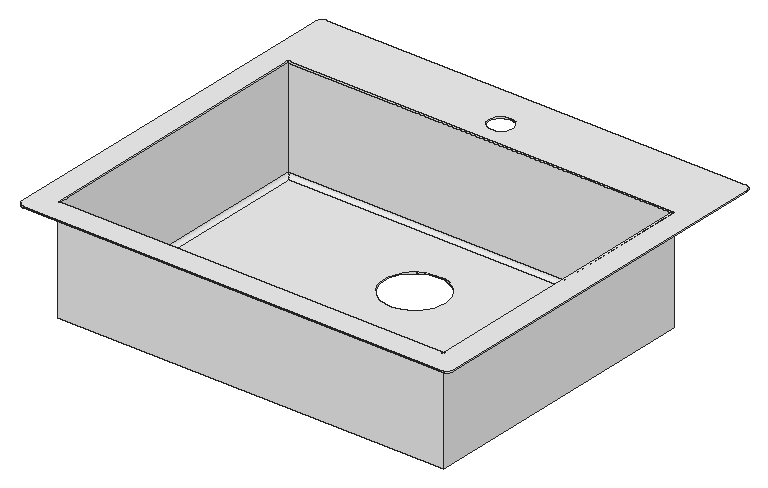
Revit family "Sink-American_Standard-Edgewater-18SB6252211.075", category Plumbing Fixtures, Revit 2014
Parameters (values of type "18SB6252211.075")
  Width = 25"  # constant formula
  Waste Connection Width = 8.70079"
  Waste Connection Radius = Waste Connection Diameter / 2  # 3/4"
  Waste Connection Offset = 4 3/4"  # constant formula
  Waste Connection Diameter = 1 1/2"
  Waste Connection = 1 < 2  # yes
  Warranty Documentation Link = "https://www.americanstandard-us.com/parts-support/warranty/lifetime-warranty-stainless-steel-sinks"
  WFU = 4  # constant formula
  Vent Connection = no
  Undermount Installation = no
  URL = "https://www.americanstandard-us.com/"
  Type Comments = "29\" (737mm) cabinet required"
  Topmount Installation = not(Undermount Installation)  # yes
  Sink Offset [instance] = 2"
  Product Page URL = ""
  Product Documentation Link = ""
  Price = "Prices may vary. Please consult Manufacturer Representative for most up-to-date price list."  # constant formula
  Mounting Height [instance] = if(Topmount Installation, Counter Thickness + 1/16", 0")  # 1 1/16"
  Model = "18SB6252211.075"
  Material = "Stainless Steel-American Standard-075-Satin"
  Manufacturer = "American Standard"  # constant formula
  Length = 22"  # constant formula
  Installation Type = "Dual Mount"  # constant formula
  Hot Water Connection Width = 4"
  Hot Water Connection Radius = Hot Water Connection Diameter / 2  # 1/4"
  Hot Water Connection Diameter = 1/2"
  Height = 6"  # constant formula
  HWFU = 3  # constant formula
  HW Connection = 1 < 2  # yes
  Finish = Stainless Steel-American Standard-075-Satin
  Description = "Edgewater ADA Single Bowl Kitchen Sink"  # constant formula
  Default Elevation = 34"  # constant formula
  Creation Date = "02/05/2019"  # constant formula
  Counter Thickness [instance] = 1"
  Cold Water Connection Width = 4"
  Cold Water Connection Radius = 1/4"
  Cold Water Connection Diameter = Cold Water Connection Radius * 2  # 1/2"
  CWFU = 3  # constant formula
  CW Connection = 1 < 2  # yes
  Bowl Width = 22 1/4"  # constant formula
  Bowl Length = 16 9/16"  # constant formula
  Basin Shape = "Rectangular"  # constant formula
  Assembly Code = "D2010410"
  ADA Compliant = yes
Reference planes (in)
  plane 1 "Center (Front/Back)": y = 0
  plane 2: z = 0
  plane 3 "Center (Left/Right)": x = 0
  plane 4: x = -12.5
  plane 5: x = 12.5
  plane 6: y = -2
  plane 7: y = -24
  plane 8: z = -1
  plane 9: z = -5.9375
  plane 10: z = 0.0625
  plane 11: y = -4.55859
  plane 12: y = -6.05469
  plane 13: y = -22.61719
  plane 14: y = -10.80469
  plane 15: z = -11.0625
  plane 16: z = -12.5625
  plane 17: x = -4
  plane 18: x = 4
  plane 19: x = -11.125
  plane 20: x = 11.125
Forms (in)
  Extrusion 1, solid, material "Stainless Steel-American Standard-075-Satin" <- "Finish"
    sketch origin (0, 0, 0) x (1, 0, 0) y (0, 1, 0)
      loop
        arc (-12.1063, -2) -> (-12.38469, -2.11531) -> (-12.5, -2.3937) r 0.3937
        line (-12.5, -2.3937) -> (-12.5, -23.6063)
        arc (-12.5, -23.6063) -> (-12.38469, -23.88469) -> (-12.1063, -24) r 0.3937
        line (-12.1063, -24) -> (12.1063, -24)
        arc (12.1063, -24) -> (12.38469, -23.88469) -> (12.5, -23.6063) r 0.3937
        line (12.5, -23.6063) -> (12.5, -2.3937)
        arc (12.5, -2.3937) -> (12.38469, -2.11531) -> (12.1063, -2) r 0.3937
        line (12.1063, -2) -> (-12.1063, -2)
      loop
        circle (0, -4.55859) r 0.68898
      loop
        line (11.32185, -5.85784) -> (-11.32185, -5.85784) -> (-11.32185, -22.81404) -> (11.32185, -22.81404) -> (11.32185, -5.85784)
    from 0 to 0.0625
  Extrusion 2, solid, not visible
    sketch origin (0, 0, 0) x (1, 0, 0) y (0, 0, 1)
      loop
        circle (-4, -11.0625) r 0.25
      loop
        circle (4, -11.0625) r 0.25
      loop
        circle (0, -12.5625) r 0.75
    from 0 to 0.0625
  Sweep 3, solid, material "Stainless Steel-American Standard-075-Satin" <- "Finish"
    path origin (7.79528, 0, 0) x (1, 0, 0) y (0, 1, 0)
      loop
        line (-18.92028, -6.05469) -> (-18.92028, -22.61719) -> (3.32972, -22.61719) -> (3.32972, -6.05469) -> (-18.92028, -6.05469)
    profile origin (-11.125, -14.33594, 0) x (-1, 0, 0) y (0, 0, 1)
      loop
        arc (0, -5.64709) -> (-0.06661, -5.8079) -> (-0.22742, -5.87451) r 0.22742
        line (-0.22742, -5.87451) -> (-0.33071, -5.87451) -> (-0.33071, -5.9375) -> (0.06299, -5.9375) -> (0.06299, 0) -> (0.19685, 0) -> (0.19685, 0.0625) -> (0.03677, 0.0625)
        arc (0.03677, 0.0625) -> (0.01077, 0.05173) -> (0, 0.02573) r 0.03677
        line (0, 0.02573) -> (0, -5.64709)
  Extrusion 4, solid, material "Stainless Steel-American Standard-075-Satin" <- "Finish"
    sketch origin (0, 0, 0) x (1, 0, 0) y (0, 1, 0)
      loop
        line (-10.79429, -6.3854) -> (-10.79429, -22.28648) -> (10.79429, -22.28648) -> (10.79429, -6.3854) -> (-10.79429, -6.3854)
      loop
        circle (0, -10.80469) r 1.78125
    from -5.9375 to -5.87451
  Extrusion 5, void
    sketch origin (0, 0, 0) x (1, 0, 0) y (0, 1, 0)
      loop
        line (-11.18799, -5.9917) -> (-11.18799, -22.68018) -> (11.18799, -22.68018) -> (11.18799, -5.9917) -> (-11.18799, -5.9917)
    from -5.9375 to 0.40823
Cuts and joins
  joined: Extrusion 1, Sweep 3, Extrusion 4
Lines and regions (in)
  Masking region 1
    outline origin (0, 0, 0) x (1, 0, 0) y (0, 1, 0)
      loop
        line (12.1063, -2) -> (-12.1063, -2)
        arc (-12.1063, -2) -> (-12.38469, -2.11531) -> (-12.5, -2.3937) r 0.3937
        line (-12.5, -2.3937) -> (-12.5, -23.6063)
        arc (-12.5, -23.6063) -> (-12.38469, -23.88469) -> (-12.1063, -24) r 0.3937
        line (-12.1063, -24) -> (12.1063, -24)
        arc (12.1063, -24) -> (12.38469, -23.88469) -> (12.5, -23.6063) r 0.3937
        line (12.5, -23.6063) -> (12.5, -2.3937)
        arc (12.5, -2.3937) -> (12.38469, -2.11531) -> (12.1063, -2) r 0.3937
  symbolic lines, detail levels fine
    curve 1: circle (0, -4.55859, 0) r 0.68898 normal (0, 0, 1)
    curve 2: circle (0, -10.80469, 0) r 1.78125 normal (0, 0, 1)
  symbolic lines, detail levels medium+fine
    curve 3: line (-11.1245, -6.05518, 0) -> (11.12803, -6.05518, 0)
    curve 4: line (-11.1245, -22.62031, 0) -> (-11.1245, -6.05518, 0)
    curve 5: line (11.12803, -22.62031, 0) -> (-11.1245, -22.62031, 0)
    curve 6: line (11.12803, -6.05518, 0) -> (11.12803, -22.62031, 0)
Dimensions and locks (in)
  equal spacing: plane 4, plane 3 "Center (Left/Right)", plane 5
  "Sink Offset": plane 1 "Center (Front/Back)" to plane 6
  "Length": plane 6 to plane 7
  "Width": plane 4 to plane 5
  "Counter Thickness": level to plane 8
  "Mounting Height": plane 10 to plane 8
  "Height": plane 10 to plane 9
  locked: plane 11 to plane 6 at 2.55859
  locked: plane 12 to plane 6 at 4.05469
  "Bowl Length": plane 13 to plane 12
  locked: level to plane 15 at 11.0625
  locked: level to plane 16 at 12.5625
  "Hot Water Connection Width": plane 17 to plane 3 "Center (Left/Right)"
  "Cold Water Connection Width": plane 18 to plane 3 "Center (Left/Right)"
  equal spacing: plane 19, plane 3 "Center (Left/Right)", plane 20
  "Bowl Width": plane 19 to plane 20
  locked: profile plane to Sweep 3 sketch curve at 0.06299
  locked: profile plane to Sweep 3 sketch curve at 0.19685
  locked: Sweep 3 sketch curve to plane 9 at 0.06299
  "Waste Connection Offset": plane 14 to plane 12
  locked: plane 10 to Sweep 3 sketch curve at 0.0625
  locked: Extrusion 5 to level at 0.40823
  radius of Extrusion 1 sketch curve = 0.68898"
  radius of Extrusion 1 sketch curve = 0.3937"  (x4)
  "Hot Water Connection Diameter": diameter of Extrusion 2 sketch curve
  "Cold Water Connection Diameter": diameter of Extrusion 2 sketch curve
  "Waste Connection Diameter": diameter of Extrusion 2 sketch curve
  radius of Sweep 3 sketch curve = 0.22742"
  radius of Extrusion 4 sketch curve = 1 25/32"
  aligned and locked: Extrusion 1 sketch curve to plane 6
  aligned and locked: plane 4 to Extrusion 1 sketch curve
  aligned and locked: plane 7 to Extrusion 1 sketch curve
  aligned and locked: plane 5 to Extrusion 1 sketch curve
  aligned and locked: plane 3 "Center (Left/Right)" to Extrusion 1 sketch curve
  aligned and locked: plane 11 to Extrusion 1 sketch curve
  aligned and locked: plane 15 to Extrusion 2 sketch curve  (x2)
  aligned and locked: plane 18 to Extrusion 2 sketch curve
  aligned and locked: plane 17 to Extrusion 2 sketch curve
  aligned and locked: plane 16 to Extrusion 2 sketch curve
  aligned and locked: plane 3 "Center (Left/Right)" to Extrusion 2 sketch curve
  aligned and locked: profile plane to Sweep 3 sketch curve  (x2)
  aligned and locked: Sweep 3 sketch curve to plane 20
  aligned and locked: plane 19 to Sweep 3 sketch curve
  aligned and locked: Sweep 3 sketch curve to plane 13
  aligned and locked: plane 12 to Sweep 3 sketch curve
  aligned and locked: plane 9 to Sweep 3 sketch curve
  aligned and locked: Extrusion 4 sketch curve to Sweep 3  (x4)
  aligned and locked: plane 3 "Center (Left/Right)" to Extrusion 4 sketch curve
  aligned and locked: plane 14 to Extrusion 4 sketch curve
  aligned and locked: Sweep 3 to Extrusion 4  (x2)
  aligned and locked: Sweep 3 sketch curve to plane 10
  aligned and locked: Extrusion 1 to plane 10
  aligned and locked: Extrusion 1 to Sweep 3
  aligned and locked: Extrusion 1 sketch curve to Sweep 3  (x4)
  aligned and locked: Masking region 1 sketch curve to cut or joined group of Extrusion 1, Sweep 3, Extrusion 4  (x4)
  aligned and locked: curve 2 to cut or joined group of Extrusion 1, Sweep 3, Extrusion 4
  aligned and locked: curve 1 to cut or joined group of Extrusion 1, Sweep 3, Extrusion 4
  aligned and locked: curve 3 to cut or joined group of Extrusion 1, Sweep 3, Extrusion 4
  aligned and locked: curve 4 to cut or joined group of Extrusion 1, Sweep 3, Extrusion 4
  aligned and locked: curve 5 to cut or joined group of Extrusion 1, Sweep 3, Extrusion 4
  aligned and locked: curve 6 to cut or joined group of Extrusion 1, Sweep 3, Extrusion 4
  aligned and locked: Extrusion 5 sketch curve to cut or joined group of Extrusion 1, Sweep 3, Extrusion 4  (x4)
  aligned and locked: plane 9 to Extrusion 5
Automatic sketch dimensions
  Extrusion 1 sketch curve to plane 6 = 0"
  Sweep 3 sketch curve to Sweep 3 sketch curve = 0.10329"
  Sweep 3 sketch curve to profile plane = 0.03677"
Connectors (in)
  piping at (-4, 0, -11.0625), diameter 0.5, driven by "HWFU", driven by "Hot Water Connection Diameter"
    settings: on Extrusion 2, index 1, connector inside diameter 24", connector length 0", flow factor 0, pipe flow 0 GPM, pressure drop 0.00 psi, fitting loss kfactor 0, connector angle 0.00°, fixture units 3, engagement length 0", angle of deflection 0.00°, flow configuration 3, flow direction 1, fitting loss method 0, system type 19, joint type 0, gender type 0, connector reference index -1, connector utility 0, adjustable connector no, is connector primary yes, connector description "1/2\" HW Inlet"
  piping at (0, 0, -12.5625), diameter 1.5, driven by "WFU", driven by "Waste Connection Diameter"
    settings: on Extrusion 2, index 2, connector inside diameter 24", connector length 0", flow factor 0, pipe flow 0 GPM, pressure drop 0.00 psi, fitting loss kfactor 0, connector angle 0.00°, fixture units 4, engagement length 0", angle of deflection 0.00°, flow configuration 3, flow direction 2, fitting loss method 0, system type 16, joint type 0, gender type 0, connector reference index -1, connector utility 0, adjustable connector yes, is connector primary no, connector description "1-1/2\" Waste Outlet"
  piping at (4, 0, -11.0625), diameter 0.5, driven by "CWFU", driven by "Cold Water Connection Diameter"
    settings: on Extrusion 2, index 3, connector inside diameter 24", connector length 0", flow factor 0, pipe flow 0 GPM, pressure drop 0.00 psi, fitting loss kfactor 0, connector angle 0.00°, fixture units 3, engagement length 0", angle of deflection 0.00°, flow configuration 3, flow direction 1, fitting loss method 0, system type 20, joint type 0, gender type 0, connector reference index -1, connector utility 0, adjustable connector no, is connector primary no, connector description "1/2\" CW Inlet"
